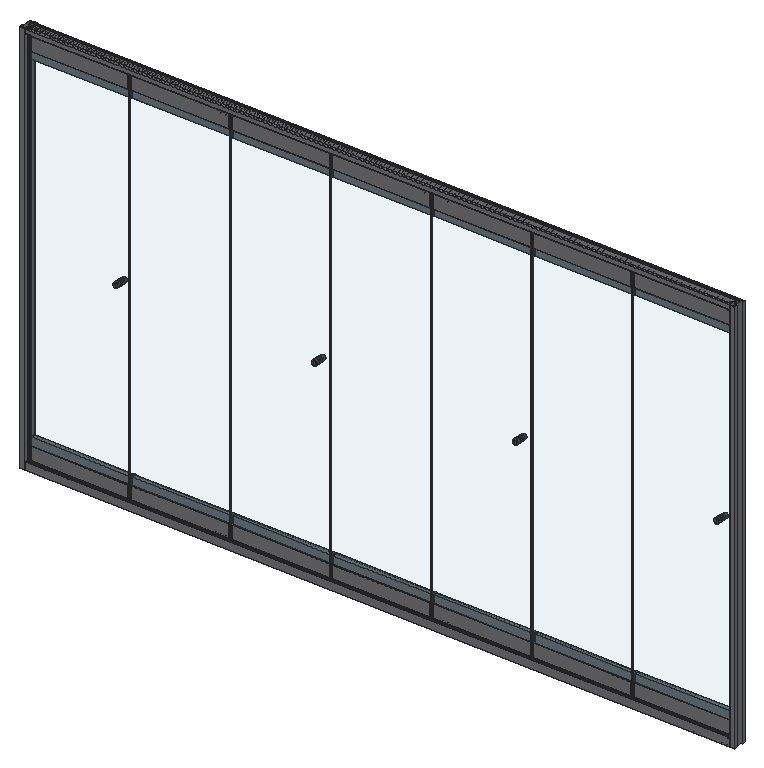
Revit family "QFL7 LH 2380", category Doors, host Wall, Revit 2024 (continued)
Automatic sketch dimensions
  host wall to Extrusion 7 sketch curve = 5.604 mm  (x2)
  Extrusion 7 sketch curve to Extrusion 7 sketch curve = 8 mm
  plane 5 to Extrusion 7 sketch curve = 39 mm
  Extrusion 7 sketch curve to Extrusion 7 sketch curve = 0 mm
  Extrusion 7 sketch curve to Extrusion 7 sketch curve = 20 mm  (x3)
  Extrusion 7 sketch curve to Extrusion 7 sketch curve = 70 mm
  Extrusion 7 sketch curve to Extrusion 7 sketch curve = 35 mm
  level to Extrusion 7 sketch curve = 166 mm
  Extrusion 7 sketch curve to Extrusion 7 sketch curve = 45 mm
  level to Extrusion 7 sketch curve = 51 mm
  Extrusion 8 sketch curve to host wall = 33.496 mm  (x2)
  Extrusion 8 sketch curve to Extrusion 8 sketch curve = 4.9 mm  (x3)
  Extrusion 8 sketch curve to Extrusion 8 sketch curve = 10 mm  (x4)
  host wall to Extrusion 8 sketch curve = 2.504 mm  (x2)
  host wall to Extrusion 8 sketch curve = 5.604 mm  (x2)
  Extrusion 8 sketch curve to Extrusion 8 sketch curve = 8 mm
  level to Extrusion 8 sketch curve = 31 mm  (x2)
  Extrusion 8 sketch curve to Extrusion 8 sketch curve = 20 mm  (x3)
  Extrusion 8 sketch curve to Extrusion 8 sketch curve = 70 mm
  Extrusion 8 sketch curve to Extrusion 8 sketch curve = 35 mm
  plane 5 to Extrusion 8 sketch curve = 174 mm
  Extrusion 8 sketch curve to Extrusion 8 sketch curve = 45 mm
  plane 5 to Extrusion 8 sketch curve = 59 mm
  Extrusion 9 sketch curve to host wall = 33.496 mm  (x2)
  Extrusion 9 sketch curve to Extrusion 9 sketch curve = 1.79 mm  (x4)
  Extrusion 9 sketch curve to Extrusion 9 sketch curve = 0 mm
  Extrusion 9 sketch curve to Extrusion 9 sketch curve = 0.01 mm
  Extrusion 9 sketch curve to Extrusion 9 sketch curve = 1.8 mm  (x6)
  Extrusion 9 sketch curve to Extrusion 9 sketch curve = 0.51 mm  (x2)
  Extrusion 9 sketch curve to Extrusion 9 sketch curve = 3.11 mm  (x2)
  Extrusion 9 sketch curve to Extrusion 9 sketch curve = 8.21 mm  (x2)
  Extrusion 9 sketch curve to Extrusion 9 sketch curve = 1.028 mm  (x2)
  host wall to Extrusion 9 sketch curve = 0.504 mm  (x2)
  host wall to Extrusion 9 sketch curve = 2.504 mm  (x2)
  host wall to Extrusion 9 sketch curve = 5.604 mm  (x2)
  host wall to Extrusion 9 sketch curve = 8.2 mm  (x2)
  Extrusion 9 sketch curve to Extrusion 9 sketch curve = 3.1 mm  (x2)
  Extrusion 9 sketch curve to Extrusion 9 sketch curve = 0.514 mm
  Extrusion 9 sketch curve to Extrusion 9 sketch curve = 6.21 mm
  Extrusion 9 sketch curve to Extrusion 9 sketch curve = 0.05 mm
  Extrusion 9 sketch curve to Extrusion 9 sketch curve = 0.554 mm
  level to Extrusion 9 sketch curve = 31 mm  (x2)
  Extrusion 9 sketch curve to Extrusion 9 sketch curve = 2 mm  (x6)
  Extrusion 9 sketch curve to Extrusion 9 sketch curve = 1.6 mm  (x4)
  Extrusion 9 sketch curve to Extrusion 9 sketch curve = 12.367 mm  (x2)
  Extrusion 9 sketch curve to Extrusion 9 sketch curve = 12.517 mm  (x2)
  Extrusion 9 sketch curve to Extrusion 9 sketch curve = 1.048 mm  (x2)
  Extrusion 9 sketch curve to Extrusion 9 sketch curve = 0.963 mm  (x2)
  Extrusion 9 sketch curve to Extrusion 9 sketch curve = 2.92 mm  (x2)
  Extrusion 9 sketch curve to Extrusion 9 sketch curve = 66.2 mm
  Extrusion 9 sketch curve to Extrusion 9 sketch curve = 33.962 mm
  Extrusion 9 sketch curve to Extrusion 9 sketch curve = 1.038 mm  (x2)
  Extrusion 9 sketch curve to Extrusion 9 sketch curve = 9.238 mm
  plane 5 to Extrusion 9 sketch curve = 174 mm
  Extrusion 9 sketch curve to Extrusion 9 sketch curve = 8.2 mm
  Extrusion 9 sketch curve to Extrusion 9 sketch curve = 43.2 mm
  plane 5 to Extrusion 9 sketch curve = 60.8 mm
  Extrusion 9 sketch curve to Extrusion 9 sketch curve = 2.985 mm
  Extrusion 10 sketch curve to host wall = 33.496 mm  (x2)
  Extrusion 10 sketch curve to Extrusion 10 sketch curve = 4.9 mm  (x3)
  Extrusion 10 sketch curve to Extrusion 10 sketch curve = 10 mm  (x4)
  host wall to Extrusion 10 sketch curve = 2.504 mm  (x2)
  host wall to Extrusion 10 sketch curve = 5.604 mm  (x2)
  Extrusion 10 sketch curve to Extrusion 10 sketch curve = 8 mm
  plane 5 to Extrusion 10 sketch curve = 39 mm
  Extrusion 10 sketch curve to Extrusion 10 sketch curve = 0 mm
  Extrusion 10 sketch curve to Extrusion 10 sketch curve = 20 mm  (x3)
  Extrusion 10 sketch curve to Extrusion 10 sketch curve = 70 mm
  Extrusion 10 sketch curve to Extrusion 10 sketch curve = 35 mm
  level to Extrusion 10 sketch curve = 166 mm
  Extrusion 10 sketch curve to Extrusion 10 sketch curve = 45 mm
  level to Extrusion 10 sketch curve = 51 mm
  Extrusion 11 sketch curve to host wall = 33.496 mm  (x2)
  Extrusion 11 sketch curve to Extrusion 11 sketch curve = 4.9 mm  (x3)
  Extrusion 11 sketch curve to Extrusion 11 sketch curve = 10 mm  (x4)
  host wall to Extrusion 11 sketch curve = 2.504 mm  (x2)
  host wall to Extrusion 11 sketch curve = 5.604 mm  (x2)
  Extrusion 11 sketch curve to Extrusion 11 sketch curve = 8 mm
  level to Extrusion 11 sketch curve = 31 mm  (x2)
  Extrusion 11 sketch curve to Extrusion 11 sketch curve = 20 mm  (x3)
  Extrusion 11 sketch curve to Extrusion 11 sketch curve = 70 mm
  Extrusion 11 sketch curve to Extrusion 11 sketch curve = 35 mm
  plane 5 to Extrusion 11 sketch curve = 174 mm
  Extrusion 11 sketch curve to Extrusion 11 sketch curve = 45 mm
  plane 5 to Extrusion 11 sketch curve = 59 mm
  Extrusion 12 sketch curve to host wall = 33.496 mm  (x2)
  Extrusion 12 sketch curve to Extrusion 12 sketch curve = 1.79 mm  (x4)
  Extrusion 12 sketch curve to Extrusion 12 sketch curve = 0 mm
  Extrusion 12 sketch curve to Extrusion 12 sketch curve = 0.01 mm
  Extrusion 12 sketch curve to Extrusion 12 sketch curve = 1.8 mm  (x6)
  Extrusion 12 sketch curve to Extrusion 12 sketch curve = 0.51 mm  (x2)
  Extrusion 12 sketch curve to Extrusion 12 sketch curve = 3.11 mm  (x2)
  Extrusion 12 sketch curve to Extrusion 12 sketch curve = 8.21 mm  (x2)
  Extrusion 12 sketch curve to Extrusion 12 sketch curve = 1.028 mm  (x2)
  host wall to Extrusion 12 sketch curve = 0.504 mm  (x2)
  host wall to Extrusion 12 sketch curve = 2.504 mm  (x2)
  host wall to Extrusion 12 sketch curve = 5.604 mm  (x2)
  host wall to Extrusion 12 sketch curve = 8.2 mm  (x2)
  Extrusion 12 sketch curve to Extrusion 12 sketch curve = 3.1 mm  (x2)
  Extrusion 12 sketch curve to Extrusion 12 sketch curve = 0.514 mm
  Extrusion 12 sketch curve to Extrusion 12 sketch curve = 6.21 mm
  Extrusion 12 sketch curve to Extrusion 12 sketch curve = 0.05 mm
  Extrusion 12 sketch curve to Extrusion 12 sketch curve = 0.554 mm
  level to Extrusion 12 sketch curve = 31 mm  (x2)
  Extrusion 12 sketch curve to Extrusion 12 sketch curve = 2 mm  (x6)
  Extrusion 12 sketch curve to Extrusion 12 sketch curve = 1.6 mm  (x4)
  Extrusion 12 sketch curve to Extrusion 12 sketch curve = 12.367 mm  (x2)
  Extrusion 12 sketch curve to Extrusion 12 sketch curve = 12.517 mm  (x2)
  Extrusion 12 sketch curve to Extrusion 12 sketch curve = 1.048 mm  (x2)
  Extrusion 12 sketch curve to Extrusion 12 sketch curve = 0.963 mm  (x2)
  Extrusion 12 sketch curve to Extrusion 12 sketch curve = 2.92 mm  (x2)
  Extrusion 12 sketch curve to Extrusion 12 sketch curve = 66.2 mm
  Extrusion 12 sketch curve to Extrusion 12 sketch curve = 33.962 mm
  Extrusion 12 sketch curve to Extrusion 12 sketch curve = 1.038 mm  (x2)
  Extrusion 12 sketch curve to Extrusion 12 sketch curve = 9.238 mm
  plane 5 to Extrusion 12 sketch curve = 174 mm
  Extrusion 12 sketch curve to Extrusion 12 sketch curve = 8.2 mm
  Extrusion 12 sketch curve to Extrusion 12 sketch curve = 43.2 mm
  plane 5 to Extrusion 12 sketch curve = 60.8 mm
  Extrusion 12 sketch curve to Extrusion 12 sketch curve = 2.985 mm
  Extrusion 13 sketch curve to host wall = 33.496 mm  (x2)
  Extrusion 13 sketch curve to Extrusion 13 sketch curve = 4.9 mm  (x3)
  Extrusion 13 sketch curve to Extrusion 13 sketch curve = 10 mm  (x4)
  host wall to Extrusion 13 sketch curve = 2.504 mm  (x2)
  host wall to Extrusion 13 sketch curve = 5.604 mm  (x2)
  Extrusion 13 sketch curve to Extrusion 13 sketch curve = 8 mm
  plane 5 to Extrusion 13 sketch curve = 39 mm
  Extrusion 13 sketch curve to Extrusion 13 sketch curve = 0 mm
  Extrusion 13 sketch curve to Extrusion 13 sketch curve = 20 mm  (x3)
  Extrusion 13 sketch curve to Extrusion 13 sketch curve = 70 mm
  Extrusion 13 sketch curve to Extrusion 13 sketch curve = 35 mm
  level to Extrusion 13 sketch curve = 166 mm
  Extrusion 13 sketch curve to Extrusion 13 sketch curve = 45 mm
  level to Extrusion 13 sketch curve = 51 mm
  Extrusion 14 sketch curve to host wall = 33.496 mm  (x2)
  Extrusion 14 sketch curve to Extrusion 14 sketch curve = 4.9 mm  (x3)
  Extrusion 14 sketch curve to Extrusion 14 sketch curve = 10 mm  (x4)
  host wall to Extrusion 14 sketch curve = 2.504 mm  (x2)
  host wall to Extrusion 14 sketch curve = 5.604 mm  (x2)
  Extrusion 14 sketch curve to Extrusion 14 sketch curve = 8 mm
  level to Extrusion 14 sketch curve = 31 mm  (x2)
  Extrusion 14 sketch curve to Extrusion 14 sketch curve = 20 mm  (x3)
  Extrusion 14 sketch curve to Extrusion 14 sketch curve = 70 mm
  Extrusion 14 sketch curve to Extrusion 14 sketch curve = 35 mm
  plane 5 to Extrusion 14 sketch curve = 174 mm
  Extrusion 14 sketch curve to Extrusion 14 sketch curve = 45 mm
  plane 5 to Extrusion 14 sketch curve = 59 mm
  Extrusion 15 sketch curve to host wall = 33.496 mm  (x2)
  Extrusion 15 sketch curve to Extrusion 15 sketch curve = 1.79 mm  (x4)
  Extrusion 15 sketch curve to Extrusion 15 sketch curve = 0 mm
  Extrusion 15 sketch curve to Extrusion 15 sketch curve = 0.01 mm
  Extrusion 15 sketch curve to Extrusion 15 sketch curve = 1.8 mm  (x6)
  Extrusion 15 sketch curve to Extrusion 15 sketch curve = 0.51 mm  (x2)
  Extrusion 15 sketch curve to Extrusion 15 sketch curve = 3.11 mm  (x2)
  Extrusion 15 sketch curve to Extrusion 15 sketch curve = 8.21 mm  (x2)
  Extrusion 15 sketch curve to Extrusion 15 sketch curve = 1.028 mm  (x2)
  host wall to Extrusion 15 sketch curve = 0.504 mm  (x2)
  host wall to Extrusion 15 sketch curve = 2.504 mm  (x2)
  host wall to Extrusion 15 sketch curve = 5.604 mm  (x2)
  host wall to Extrusion 15 sketch curve = 8.2 mm  (x2)
  Extrusion 15 sketch curve to Extrusion 15 sketch curve = 3.1 mm  (x2)
  Extrusion 15 sketch curve to Extrusion 15 sketch curve = 0.514 mm
  Extrusion 15 sketch curve to Extrusion 15 sketch curve = 6.21 mm
  Extrusion 15 sketch curve to Extrusion 15 sketch curve = 0.05 mm
  Extrusion 15 sketch curve to Extrusion 15 sketch curve = 0.554 mm
  level to Extrusion 15 sketch curve = 31 mm  (x2)
  Extrusion 15 sketch curve to Extrusion 15 sketch curve = 2 mm  (x6)
  Extrusion 15 sketch curve to Extrusion 15 sketch curve = 1.6 mm  (x4)
  Extrusion 15 sketch curve to Extrusion 15 sketch curve = 12.367 mm  (x2)
  Extrusion 15 sketch curve to Extrusion 15 sketch curve = 12.517 mm  (x2)
  Extrusion 15 sketch curve to Extrusion 15 sketch curve = 1.048 mm  (x2)
  Extrusion 15 sketch curve to Extrusion 15 sketch curve = 0.963 mm  (x2)
  Extrusion 15 sketch curve to Extrusion 15 sketch curve = 2.92 mm  (x2)
  Extrusion 15 sketch curve to Extrusion 15 sketch curve = 66.2 mm
  Extrusion 15 sketch curve to Extrusion 15 sketch curve = 33.962 mm
  Extrusion 15 sketch curve to Extrusion 15 sketch curve = 1.038 mm  (x2)
  Extrusion 15 sketch curve to Extrusion 15 sketch curve = 9.238 mm
  plane 5 to Extrusion 15 sketch curve = 174 mm
  Extrusion 15 sketch curve to Extrusion 15 sketch curve = 8.2 mm
  Extrusion 15 sketch curve to Extrusion 15 sketch curve = 43.2 mm
  plane 5 to Extrusion 15 sketch curve = 60.8 mm
  Extrusion 15 sketch curve to Extrusion 15 sketch curve = 2.985 mm
  Extrusion 16 sketch curve to host wall = 33.496 mm  (x2)
  Extrusion 16 sketch curve to Extrusion 16 sketch curve = 4.9 mm  (x3)
  Extrusion 16 sketch curve to Extrusion 16 sketch curve = 10 mm  (x4)
  host wall to Extrusion 16 sketch curve = 2.504 mm  (x2)
  host wall to Extrusion 16 sketch curve = 5.604 mm  (x2)
  Extrusion 16 sketch curve to Extrusion 16 sketch curve = 8 mm
  plane 5 to Extrusion 16 sketch curve = 39 mm
  Extrusion 16 sketch curve to Extrusion 16 sketch curve = 0 mm
  Extrusion 16 sketch curve to Extrusion 16 sketch curve = 20 mm  (x3)
  Extrusion 16 sketch curve to Extrusion 16 sketch curve = 70 mm
  Extrusion 16 sketch curve to Extrusion 16 sketch curve = 35 mm
  level to Extrusion 16 sketch curve = 166 mm
  Extrusion 16 sketch curve to Extrusion 16 sketch curve = 45 mm
  level to Extrusion 16 sketch curve = 51 mm
  Extrusion 17 sketch curve to host wall = 33.496 mm  (x2)
  Extrusion 17 sketch curve to Extrusion 17 sketch curve = 4.9 mm  (x3)
  Extrusion 17 sketch curve to Extrusion 17 sketch curve = 10 mm  (x4)
  host wall to Extrusion 17 sketch curve = 2.504 mm  (x2)
  host wall to Extrusion 17 sketch curve = 5.604 mm  (x2)
  Extrusion 17 sketch curve to Extrusion 17 sketch curve = 8 mm
  level to Extrusion 17 sketch curve = 31 mm  (x2)
  Extrusion 17 sketch curve to Extrusion 17 sketch curve = 20 mm  (x3)
  Extrusion 17 sketch curve to Extrusion 17 sketch curve = 70 mm
  Extrusion 17 sketch curve to Extrusion 17 sketch curve = 35 mm
  plane 5 to Extrusion 17 sketch curve = 174 mm
  Extrusion 17 sketch curve to Extrusion 17 sketch curve = 45 mm
  plane 5 to Extrusion 17 sketch curve = 59 mm
  Extrusion 18 sketch curve to host wall = 33.496 mm  (x2)
  Extrusion 18 sketch curve to Extrusion 18 sketch curve = 1.79 mm  (x4)
  Extrusion 18 sketch curve to Extrusion 18 sketch curve = 0 mm
  Extrusion 18 sketch curve to Extrusion 18 sketch curve = 0.01 mm
  Extrusion 18 sketch curve to Extrusion 18 sketch curve = 1.8 mm  (x6)
  Extrusion 18 sketch curve to Extrusion 18 sketch curve = 0.51 mm  (x2)
  Extrusion 18 sketch curve to Extrusion 18 sketch curve = 3.11 mm  (x2)
  Extrusion 18 sketch curve to Extrusion 18 sketch curve = 8.21 mm  (x2)
  Extrusion 18 sketch curve to Extrusion 18 sketch curve = 1.028 mm  (x2)
  host wall to Extrusion 18 sketch curve = 0.504 mm  (x2)
  host wall to Extrusion 18 sketch curve = 2.504 mm  (x2)
  host wall to Extrusion 18 sketch curve = 5.604 mm  (x2)
  host wall to Extrusion 18 sketch curve = 8.2 mm  (x2)
  Extrusion 18 sketch curve to Extrusion 18 sketch curve = 3.1 mm  (x2)
  Extrusion 18 sketch curve to Extrusion 18 sketch curve = 0.514 mm
  Extrusion 18 sketch curve to Extrusion 18 sketch curve = 6.21 mm
  Extrusion 18 sketch curve to Extrusion 18 sketch curve = 0.05 mm
  Extrusion 18 sketch curve to Extrusion 18 sketch curve = 0.554 mm
  level to Extrusion 18 sketch curve = 31 mm  (x2)
  Extrusion 18 sketch curve to Extrusion 18 sketch curve = 2 mm  (x6)
  Extrusion 18 sketch curve to Extrusion 18 sketch curve = 1.6 mm  (x4)
  Extrusion 18 sketch curve to Extrusion 18 sketch curve = 12.367 mm  (x2)
  Extrusion 18 sketch curve to Extrusion 18 sketch curve = 12.517 mm  (x2)
  Extrusion 18 sketch curve to Extrusion 18 sketch curve = 1.048 mm  (x2)
  Extrusion 18 sketch curve to Extrusion 18 sketch curve = 0.963 mm  (x2)
  Extrusion 18 sketch curve to Extrusion 18 sketch curve = 2.92 mm  (x2)
  Extrusion 18 sketch curve to Extrusion 18 sketch curve = 66.2 mm
  Extrusion 18 sketch curve to Extrusion 18 sketch curve = 33.962 mm
  Extrusion 18 sketch curve to Extrusion 18 sketch curve = 1.038 mm  (x2)
  Extrusion 18 sketch curve to Extrusion 18 sketch curve = 9.238 mm
  plane 5 to Extrusion 18 sketch curve = 174 mm
  Extrusion 18 sketch curve to Extrusion 18 sketch curve = 8.2 mm
  Extrusion 18 sketch curve to Extrusion 18 sketch curve = 43.2 mm
  plane 5 to Extrusion 18 sketch curve = 60.8 mm
  Extrusion 18 sketch curve to Extrusion 18 sketch curve = 2.985 mm
  Extrusion 19 sketch curve to host wall = 33.496 mm  (x2)
  Extrusion 19 sketch curve to Extrusion 19 sketch curve = 4.9 mm  (x3)
  Extrusion 19 sketch curve to Extrusion 19 sketch curve = 10 mm  (x4)
  host wall to Extrusion 19 sketch curve = 2.504 mm  (x2)
  host wall to Extrusion 19 sketch curve = 5.604 mm  (x2)
  Extrusion 19 sketch curve to Extrusion 19 sketch curve = 8 mm
  plane 5 to Extrusion 19 sketch curve = 39 mm
  Extrusion 19 sketch curve to Extrusion 19 sketch curve = 0 mm
  Extrusion 19 sketch curve to Extrusion 19 sketch curve = 20 mm  (x3)
  Extrusion 19 sketch curve to Extrusion 19 sketch curve = 70 mm
  Extrusion 19 sketch curve to Extrusion 19 sketch curve = 35 mm
  level to Extrusion 19 sketch curve = 166 mm
  Extrusion 19 sketch curve to Extrusion 19 sketch curve = 45 mm
  level to Extrusion 19 sketch curve = 51 mm
  Extrusion 20 sketch curve to host wall = 33.496 mm  (x2)
  Extrusion 20 sketch curve to Extrusion 20 sketch curve = 4.9 mm  (x3)
  Extrusion 20 sketch curve to Extrusion 20 sketch curve = 10 mm  (x4)
  host wall to Extrusion 20 sketch curve = 2.504 mm  (x2)
  host wall to Extrusion 20 sketch curve = 5.604 mm  (x2)
  Extrusion 20 sketch curve to Extrusion 20 sketch curve = 8 mm
  level to Extrusion 20 sketch curve = 31 mm  (x2)
  Extrusion 20 sketch curve to Extrusion 20 sketch curve = 20 mm  (x3)
  Extrusion 20 sketch curve to Extrusion 20 sketch curve = 70 mm
  Extrusion 20 sketch curve to Extrusion 20 sketch curve = 35 mm
  plane 5 to Extrusion 20 sketch curve = 174 mm
  Extrusion 20 sketch curve to Extrusion 20 sketch curve = 45 mm
  plane 5 to Extrusion 20 sketch curve = 59 mm
  Extrusion 21 sketch curve to host wall = 33.496 mm  (x2)
  Extrusion 21 sketch curve to Extrusion 21 sketch curve = 1.79 mm  (x4)
  Extrusion 21 sketch curve to Extrusion 21 sketch curve = 0 mm
  Extrusion 21 sketch curve to Extrusion 21 sketch curve = 0.01 mm
  Extrusion 21 sketch curve to Extrusion 21 sketch curve = 1.8 mm  (x6)
  Extrusion 21 sketch curve to Extrusion 21 sketch curve = 0.51 mm  (x2)
  Extrusion 21 sketch curve to Extrusion 21 sketch curve = 3.11 mm  (x2)
  Extrusion 21 sketch curve to Extrusion 21 sketch curve = 8.21 mm  (x2)
  Extrusion 21 sketch curve to Extrusion 21 sketch curve = 1.028 mm  (x2)
  host wall to Extrusion 21 sketch curve = 0.504 mm  (x2)
  host wall to Extrusion 21 sketch curve = 2.504 mm  (x2)
  host wall to Extrusion 21 sketch curve = 5.604 mm  (x2)
  host wall to Extrusion 21 sketch curve = 8.2 mm  (x2)
  Extrusion 21 sketch curve to Extrusion 21 sketch curve = 3.1 mm  (x2)
  Extrusion 21 sketch curve to Extrusion 21 sketch curve = 0.514 mm
  Extrusion 21 sketch curve to Extrusion 21 sketch curve = 6.21 mm
  Extrusion 21 sketch curve to Extrusion 21 sketch curve = 0.05 mm
  Extrusion 21 sketch curve to Extrusion 21 sketch curve = 0.554 mm
  level to Extrusion 21 sketch curve = 31 mm  (x2)
  Extrusion 21 sketch curve to Extrusion 21 sketch curve = 2 mm  (x6)
  Extrusion 21 sketch curve to Extrusion 21 sketch curve = 1.6 mm  (x4)
  Extrusion 21 sketch curve to Extrusion 21 sketch curve = 12.367 mm  (x2)
  Extrusion 21 sketch curve to Extrusion 21 sketch curve = 12.517 mm  (x2)
  Extrusion 21 sketch curve to Extrusion 21 sketch curve = 1.048 mm  (x2)
  Extrusion 21 sketch curve to Extrusion 21 sketch curve = 0.963 mm  (x2)
  Extrusion 21 sketch curve to Extrusion 21 sketch curve = 2.92 mm  (x2)
  Extrusion 21 sketch curve to Extrusion 21 sketch curve = 66.2 mm
  Extrusion 21 sketch curve to Extrusion 21 sketch curve = 33.962 mm
  Extrusion 21 sketch curve to Extrusion 21 sketch curve = 1.038 mm  (x2)
  Extrusion 21 sketch curve to Extrusion 21 sketch curve = 9.238 mm
  plane 5 to Extrusion 21 sketch curve = 174 mm
  Extrusion 21 sketch curve to Extrusion 21 sketch curve = 8.2 mm
  Extrusion 21 sketch curve to Extrusion 21 sketch curve = 43.2 mm
  plane 5 to Extrusion 21 sketch curve = 60.8 mm
  Extrusion 21 sketch curve to Extrusion 21 sketch curve = 2.985 mm
  host wall to Extrusion 22 sketch curve = 2.504 mm
  Extrusion 22 sketch curve to Extrusion 22 sketch curve = 10 mm
  level to Extrusion 22 sketch curve = 121 mm
  plane 5 to Extrusion 22 sketch curve = 129 mm
  Extrusion 23 sketch curve to host wall = 33.496 mm  (x2)
  Extrusion 23 sketch curve to Extrusion 23 sketch curve = 4.9 mm  (x3)
  Extrusion 23 sketch curve to Extrusion 23 sketch curve = 10 mm  (x4)
  host wall to Extrusion 23 sketch curve = 2.504 mm  (x2)
  host wall to Extrusion 23 sketch curve = 5.604 mm  (x2)
  Extrusion 23 sketch curve to Extrusion 23 sketch curve = 8 mm
  plane 5 to Extrusion 23 sketch curve = 39 mm
  Extrusion 23 sketch curve to Extrusion 23 sketch curve = 0 mm
  Extrusion 23 sketch curve to Extrusion 23 sketch curve = 20 mm  (x3)
  Extrusion 23 sketch curve to Extrusion 23 sketch curve = 70 mm
  Extrusion 23 sketch curve to Extrusion 23 sketch curve = 35 mm
  level to Extrusion 23 sketch curve = 166 mm
  Extrusion 23 sketch curve to Extrusion 23 sketch curve = 45 mm
  level to Extrusion 23 sketch curve = 51 mm
  Extrusion 24 sketch curve to host wall = 33.496 mm  (x2)
  Extrusion 24 sketch curve to Extrusion 24 sketch curve = 4.9 mm  (x3)
  Extrusion 24 sketch curve to Extrusion 24 sketch curve = 10 mm  (x4)
  host wall to Extrusion 24 sketch curve = 2.504 mm  (x2)
  host wall to Extrusion 24 sketch curve = 5.604 mm  (x2)
  Extrusion 24 sketch curve to Extrusion 24 sketch curve = 8 mm
  level to Extrusion 24 sketch curve = 31 mm  (x2)
  Extrusion 24 sketch curve to Extrusion 24 sketch curve = 20 mm  (x3)
  Extrusion 24 sketch curve to Extrusion 24 sketch curve = 70 mm
  Extrusion 24 sketch curve to Extrusion 24 sketch curve = 35 mm
  plane 5 to Extrusion 24 sketch curve = 174 mm
  Extrusion 24 sketch curve to Extrusion 24 sketch curve = 45 mm
  plane 5 to Extrusion 24 sketch curve = 59 mm
  host wall to Revolve 25 sketch curve = 10.504 mm
  Revolve 25 sketch curve to Revolve 25 sketch curve = 3 mm
  Revolve 25 sketch curve to Revolve 25 sketch curve = 5 mm  (x2)
  Revolve 25 sketch curve to Revolve 25 sketch curve = 16 mm
  Revolve 25 sketch curve to Revolve 25 sketch curve = 1 mm  (x2)
  level to Revolve 25 sketch curve = 1190.5 mm
  Revolve 25 sketch curve to Revolve 25 sketch curve = 10 mm
  Revolve 25 sketch curve to Revolve 25 sketch curve = 14 mm
  Revolve 25 sketch curve to Revolve 25 sketch curve = 0 mm  (x3)
  host wall to Revolve 26 sketch curve = 10.504 mm
  Revolve 26 sketch curve to Revolve 26 sketch curve = 3 mm
  Revolve 26 sketch curve to Revolve 26 sketch curve = 5 mm  (x2)
  Revolve 26 sketch curve to Revolve 26 sketch curve = 16 mm
  Revolve 26 sketch curve to Revolve 26 sketch curve = 1 mm  (x2)
  level to Revolve 26 sketch curve = 1190.5 mm
  Revolve 26 sketch curve to Revolve 26 sketch curve = 10 mm
  Revolve 26 sketch curve to Revolve 26 sketch curve = 14 mm
  Revolve 26 sketch curve to Revolve 26 sketch curve = 0 mm  (x3)
  host wall to Revolve 27 sketch curve = 10.504 mm
  Revolve 27 sketch curve to Revolve 27 sketch curve = 3 mm
  Revolve 27 sketch curve to Revolve 27 sketch curve = 5 mm  (x2)
  Revolve 27 sketch curve to Revolve 27 sketch curve = 16 mm
  Revolve 27 sketch curve to Revolve 27 sketch curve = 1 mm  (x2)
  level to Revolve 27 sketch curve = 1190.5 mm
  Revolve 27 sketch curve to Revolve 27 sketch curve = 10 mm
  Revolve 27 sketch curve to Revolve 27 sketch curve = 14 mm
  Revolve 27 sketch curve to Revolve 27 sketch curve = 0 mm  (x3)
  host wall to Revolve 28 sketch curve = 10.504 mm
  Revolve 28 sketch curve to Revolve 28 sketch curve = 3 mm
  Revolve 28 sketch curve to Revolve 28 sketch curve = 5 mm  (x2)
  Revolve 28 sketch curve to Revolve 28 sketch curve = 16 mm
  Revolve 28 sketch curve to Revolve 28 sketch curve = 1 mm  (x2)
  level to Revolve 28 sketch curve = 1190.5 mm
  Revolve 28 sketch curve to Revolve 28 sketch curve = 10 mm
  Revolve 28 sketch curve to Revolve 28 sketch curve = 14 mm
  Revolve 28 sketch curve to Revolve 28 sketch curve = 0 mm  (x3)
  host wall to Revolve 29 sketch curve = 2.504 mm
  Revolve 29 sketch curve to host wall = 0.496 mm
  Revolve 29 sketch curve to host wall = 5.496 mm
  Revolve 29 sketch curve to Revolve 29 sketch curve = 5 mm
  Revolve 29 sketch curve to Revolve 29 sketch curve = 16 mm
  Revolve 29 sketch curve to Revolve 29 sketch curve = 1 mm  (x2)
  plane 5 to Revolve 29 sketch curve = 1176.5 mm
  Revolve 29 sketch curve to Revolve 29 sketch curve = 0 mm  (x4)
  Revolve 29 sketch curve to Revolve 29 sketch curve = 14 mm
  host wall to Revolve 30 sketch curve = 2.504 mm
  Revolve 30 sketch curve to host wall = 0.496 mm
  Revolve 30 sketch curve to host wall = 5.496 mm
  Revolve 30 sketch curve to Revolve 30 sketch curve = 5 mm
  Revolve 30 sketch curve to Revolve 30 sketch curve = 16 mm
  Revolve 30 sketch curve to Revolve 30 sketch curve = 1 mm  (x2)
  plane 5 to Revolve 30 sketch curve = 1176.5 mm
  Revolve 30 sketch curve to Revolve 30 sketch curve = 0 mm  (x4)
  Revolve 30 sketch curve to Revolve 30 sketch curve = 14 mm
  host wall to Revolve 31 sketch curve = 2.504 mm
  Revolve 31 sketch curve to host wall = 0.496 mm
  Revolve 31 sketch curve to host wall = 5.496 mm
  Revolve 31 sketch curve to Revolve 31 sketch curve = 5 mm
  Revolve 31 sketch curve to Revolve 31 sketch curve = 16 mm
  Revolve 31 sketch curve to Revolve 31 sketch curve = 1 mm  (x2)
  plane 5 to Revolve 31 sketch curve = 1176.5 mm
  Revolve 31 sketch curve to Revolve 31 sketch curve = 0 mm  (x4)
  Revolve 31 sketch curve to Revolve 31 sketch curve = 14 mm
  host wall to Revolve 32 sketch curve = 2.504 mm
  Revolve 32 sketch curve to host wall = 0.496 mm
  Revolve 32 sketch curve to host wall = 5.496 mm
  Revolve 32 sketch curve to Revolve 32 sketch curve = 5 mm
  Revolve 32 sketch curve to Revolve 32 sketch curve = 16 mm
  Revolve 32 sketch curve to Revolve 32 sketch curve = 1 mm  (x2)
  plane 5 to Revolve 32 sketch curve = 1176.5 mm
  Revolve 32 sketch curve to Revolve 32 sketch curve = 0 mm  (x4)
  Revolve 32 sketch curve to Revolve 32 sketch curve = 14 mm
  host wall to Extrusion 33 sketch curve = 2.504 mm
  Extrusion 33 sketch curve to Extrusion 33 sketch curve = 10 mm
  level to Extrusion 33 sketch curve = 121 mm
  plane 5 to Extrusion 33 sketch curve = 129 mm
  host wall to Extrusion 34 sketch curve = 2.504 mm
  Extrusion 34 sketch curve to Extrusion 34 sketch curve = 10 mm
  level to Extrusion 34 sketch curve = 121 mm
  plane 5 to Extrusion 34 sketch curve = 129 mm
  host wall to Extrusion 35 sketch curve = 2.504 mm
  Extrusion 35 sketch curve to Extrusion 35 sketch curve = 10 mm
  level to Extrusion 35 sketch curve = 121 mm
  plane 5 to Extrusion 35 sketch curve = 129 mm
  host wall to Extrusion 36 sketch curve = 2.504 mm
  Extrusion 36 sketch curve to Extrusion 36 sketch curve = 10 mm
  level to Extrusion 36 sketch curve = 121 mm
  plane 5 to Extrusion 36 sketch curve = 129 mm
  host wall to Extrusion 37 sketch curve = 2.504 mm
  Extrusion 37 sketch curve to Extrusion 37 sketch curve = 10 mm
  level to Extrusion 37 sketch curve = 121 mm
  plane 5 to Extrusion 37 sketch curve = 129 mm
  host wall to Extrusion 38 sketch curve = 2.504 mm
  Extrusion 38 sketch curve to Extrusion 38 sketch curve = 10 mm
  level to Extrusion 38 sketch curve = 121 mm
  plane 5 to Extrusion 38 sketch curve = 129 mm
  curve 29 to plane 3 "Left" = 24.61 mm
  curve 30 to host wall = 37.5 mm
  curve 29 to curve 30 = 38.105 mm
  curve 29 to plane 3 "Left" = 296.895 mm
  curve 30 to curve 34 = 38.105 mm
  curve 31 to host wall = 37.5 mm
  curve 30 to curve 31 = 544.569 mm
  curve 37 to host wall = 37.5 mm
  curve 32 to curve 37 = 38.105 mm
  host wall to curve 38 = 456.111 mm
  curve 32 to curve 38 = 544.569 mm
  host wall to curve 46 = 456.111 mm
  curve 37 to curve 46 = 38.105 mm
  curve 45 to host wall = 37.5 mm
  curve 41 to host wall = 37.5 mm
  curve 42 to curve 41 = 38.105 mm
  host wall to curve 43 = 456.111 mm
  host wall to curve 50 = 456.111 mm
  curve 49 to curve 50 = 38.105 mm
  curve 49 to host wall = 37.5 mm
  curve 56 to host wall = 37.5 mm
  curve 54 to curve 56 = 38.105 mm
  plane 2 "Center (Left/Right)" to curve 55 = 6.734 mm
